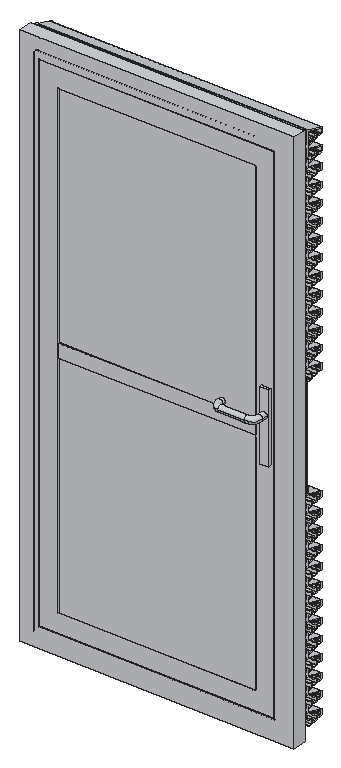
Revit family "NLRS_31_DO_WB_HS50R enkele deur-AV_jazo_jazo", category Doors, host Wall, Revit 2020 (continued)
Definition of nested family "NLRS_31_GA_UN_error message paniekfunctie"
  Lines and regions (mm)
    Filled region 3, type "Zwart", not visible
      outline origin (253.64, 140.595, 0) x (1, 0, 0) y (0, 1, 0)
        loop
          circle (137.171, 160.994) r 7.044
    Filled region 4, type "Rood 2", visible <- "NLRS_C_zichtbaar_01"
      outline origin (0, 0, 0) x (1, 0, 0) y (0, 1, 0)
        loop
          line (-50, 14) -> (-50, -14) -> (50, -14) -> (50, 14) -> (-50, 14)
  Text (mm)
    text "De combinatie tussen inbraakwerend, ventilerend en paniekfunctie kan niet worden toegepast.\n1 van deze onderdelen moet worden uitgezet.\nVoor specificaties of mogelijkheden, neem contact op. " at (-0.015, -2.617, 0), visible <- "NLRS_C_zichtbaar_01"
    text "Error: paniekfunctie" at (-1.89, 5.965, 0), visible <- "NLRS_C_zichtbaar_01"
  Dimensions and locks
    equal spacing: Filled region 4 sketch curve, plane 1, Filled region 4 sketch curve
    Filled region 4 sketch curve to Filled region 4 sketch curve = 28 mm
    plane 1 to Filled region 4 sketch curve = 14 mm
    equal spacing: Filled region 4 sketch curve, plane 2, Filled region 4 sketch curve
    Filled region 4 sketch curve to plane 2 = 50 mm
